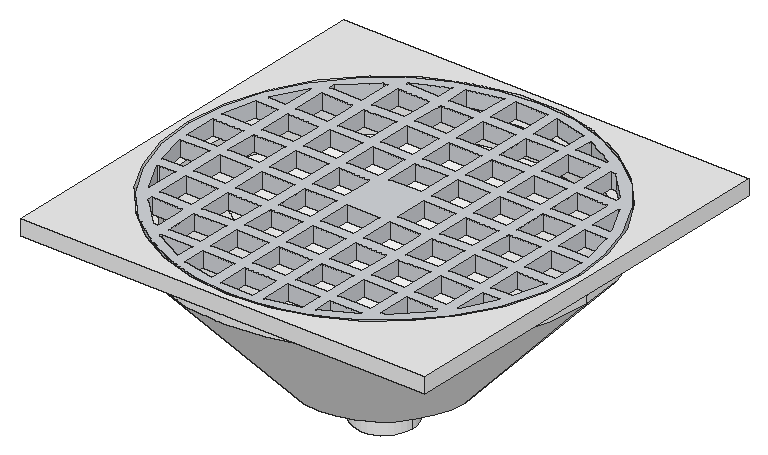
Revit family "Drain_Floor_Zurn-Z319-Thoroflush", category Plumbing Fixtures, Revit 2022
Family settings
  Round Connector Dimension = Use Radius
  Part Type = Normal
  OmniClass Number = 23.45.55.21
  OmniClass Title = Drains (Wastes)
  Work Plane-Based = No
  Always vertical = Yes
  Cut with Voids When Loaded = No
  Maintain Annotation Orientation = No
  Shared = No
  Room Calculation Point = No
Parameters (values of type "ZN319-3 Inch Inside Caulk Outlet")
  Waste Connection = 1 = 1  # yes
  WFU = 0  # constant formula
  Vent Connection = 1 = 0  # no
  URL = "www.zurn.com"
  Type Comments = ""
  Product data url = "https://www.bimobject.com/en-us/zurnindustries/product/zurn-z319"
  Product Page URL = "https://www.zurn.com/products/drainage-interceptors/floor-drains/flushing-rim-drains/z319"
  Product Installation Sheet URL = ""
  Product Documentation Link = "https://files.zurn.com/spec-sheets/z319.pdf"
  Pipe Size 'A' (Outer Diameter) = 3.500"
  Pipe Size 'A' (Nominal Radius) = [Pipe Size 'A' (Nominal Diameter)] / 2  # 1.500"
  Pipe Size 'A' (Nominal Diameter) = 3.000"
  Pipe Size 'A' (Inner Radius) = [Pipe Size 'A' (Inner Diameter)] / 2  # 1.534"
  Pipe Size 'A' (Outer Radius) = [Pipe Size 'A' (Outer Diameter)] / 2  # 1.750"
  Pipe Size 'A' (Inner Diameter) = 3.068"
  Grate Open Area = 232.00 SF  # constant formula
  Grate Material = Bronze - Zurn - Polished Nickel
  Diameter = 24.000"
  Body Height  ' E ' = 12.125"
  Modified Date = "12/19/25"  # constant formula
  Model = "ZN319"  # constant formula
  Manufacurer Brand = "Zurn"  # constant formula
  Manufacturer = "Zurn Water, LLC"  # constant formula
  Main Material = Iron - Zurn - Cast - White A.R.E Coated
  HWFU = 0  # constant formula
  HW Connection = 1 = 0  # no
  Description = "LARGE CAPACITY THOROFLUSH DRAIN"  # constant formula
  Default Elevation = 20.000"  # constant formula
  Date Created = "11/13/18"  # constant formula
  CWFU = 0  # constant formula
  CW Connection = 1 = 0  # no
  Assembly Code = "D2030300"
  Approx. Weight (Lbs) = 118.000"
Types (6): name | Pipe Size 'A' (Outer Diameter) | Pipe Size 'A' (Nominal Radius) | Pipe Size 'A' (Nominal Diameter) | Pipe Size 'A' (Inner Radius) | Pipe Size 'A' (Outer Radius) | Pipe Size 'A' (Inner Diameter) | Body Height  ' E '
  ZN319-8 Inch Threaded Outlet | 8.625" | 4.000" | 8.000" | 3.9905" | 4.3125" | 7.981" | 11.000"
  ZN319-6 Inch Threaded Outlet | 6.625" | 3.000" | 6.000" | 3.0325" | 3.3125" | 6.065" | 11.000"
  ZN319-4 Inch Threaded Outlet | 4.500" | 2.000" | 4.000" | 2.013" | 2.250" | 4.026" | 11.000"
  ZN319-3 Inch Threaded Outlet | 3.500" | 1.500" | 3.000" | 1.534" | 1.750" | 3.068" | 11.000"
  ZN319-3 Inch Inside Caulk Outlet | 3.500" | 1.500" | 3.000" | 1.534" | 1.750" | 3.068" | 12.125"
  ZN319-4 Inch Inside Caulk Outlet | 4.500" | 2.000" | 4.000" | 2.013" | 2.250" | 4.026" | 12.125"
Reference planes (in)
  plane 1 "Center (Front/Back)": y = 0
  plane 2: z = 0
  plane 3 "Center (Left/Right)": x = 0
  plane 4: z = -12.125
  plane 5: x = -1.75
  plane 6: x = -1.534
  plane 7: x = -1.5
  plane 8: x = 1.5
  plane 9: y = 1.5
  plane 10: y = -1.5
  plane 11: x = 12.5
  plane 12: x = -12.5
  plane 13: y = 12.5
  plane 14: y = -12.5
  plane 15: z = -0.938
  plane 16: z = -1.438
Forms (in)
  Revolve 1, solid, material "Iron - Zurn - Cast - White A.R.E Coated" <- "Main Material", detail levels fine
    sketch origin (0, 0, 0) x (1, 0, 0) y (0, 0, 1)
      loop
        line (-12.5, -0.938) -> (-12.5, -1.438) -> (-5.0625, -9.5) -> (-1.75, -9.5) -> (-1.75, -12.125) -> (-1.534, -12.125) -> (-1.534, -9.187) -> (-4.9254, -9.187) -> (-11, -2.60234) -> (-11, -0.938) -> (-12.5, -0.938)
      axis (0, -0.938) -> (0, -12.125)
    angle from 0 to 360
  Extrusion 2, solid, material "Iron - Zurn - Cast - White A.R.E Coated" <- "Main Material", detail levels fine
    sketch origin (0, 0, 0) x (1, 0, 0) y (0, 1, 0)
      loop
        line (-12.5, 12.5) -> (-12.5, -12.5) -> (12.5, -12.5) -> (12.5, 12.5) -> (-12.5, 12.5)
      loop
        circle (0, 0) r 12.125
    from -0.938 to 0
Cuts and joins
  joined: Revolve 1, Extrusion 2
Lines and regions (in)
  Masking region 1, detail levels fine
    outline origin (0, 0, 0) x (1, 0, 0) y (0, 1, 0)
      loop
        line (-12.5, 12.5) -> (-12.5, -12.5) -> (12.5, -12.5) -> (12.5, 12.5) -> (-12.5, 12.5)
  model lines, detail levels coarse+medium
    curve 1: line (0, 0, 0) -> (0, 0, -12.125)
    curve 2: line (-1.5, 0, -12.125) -> (1.5, 0, -12.125)
    curve 3: line (0, 1.5, -12.125) -> (0, -1.5, -12.125)
    curve 4: line (-12.5, 12.5, 0) -> (12.5, 12.5, 0)
    curve 5: line (-12.5, -12.5, 0) -> (-12.5, 12.5, 0)
    curve 6: line (12.5, -12.5, 0) -> (-12.5, -12.5, 0)
    curve 7: line (12.5, 12.5, 0) -> (12.5, -12.5, 0)
    curve 8: circle (0, 0, 0) r 12 normal (0, 0, 1)
    curve 9: circle (0, 0, 0) r 12.125 normal (0, 0, 1)
    curve 10: line (-2.08333, 11.81777, 0) -> (-2.08333, -11.81777, 0)
    curve 11: line (-4.16667, 11.25339, 0) -> (-4.16667, -11.25339, 0)
    curve 12: line (-6.25, 10.2439, 0) -> (-6.25, -10.2439, 0)
    curve 13: line (-8.33333, 8.63456, 0) -> (-8.33333, -8.63456, 0)
    curve 14: line (-10.41667, 5.9576, 0) -> (-10.41667, -5.9576, 0)
    curve 15: line (-11.81777, -2.08333, 0) -> (11.81777, -2.08333, 0)
    curve 16: line (-11.25339, -4.16667, 0) -> (11.25339, -4.16667, 0)
    curve 17: line (-10.2439, -6.25, 0) -> (10.2439, -6.25, 0)
    curve 18: line (-8.63456, -8.33333, 0) -> (8.63456, -8.33333, 0)
    curve 19: line (-5.9576, -10.41667, 0) -> (5.9576, -10.41667, 0)
    curve 20: line (2.08333, 11.81777, 0) -> (2.08333, -11.81777, 0)
    curve 21: line (4.16667, 11.25339, 0) -> (4.16667, -11.25339, 0)
    curve 22: line (6.25, 10.2439, 0) -> (6.25, -10.2439, 0)
    curve 23: line (8.33333, 8.63456, 0) -> (8.33333, -8.63456, 0)
    curve 24: line (10.41667, 5.9576, 0) -> (10.41667, -5.9576, 0)
    curve 25: line (-11.73669, 2.5, 0) -> (11.73669, 2.5, 0)
    curve 26: line (-10.90871, 5, 0) -> (10.90871, 5, 0)
    curve 27: line (-9.3675, 7.5, 0) -> (9.3675, 7.5, 0)
    curve 28: line (-6.63325, 10, 0) -> (6.63325, 10, 0)
    curve 29: line (-12, 0, 0) -> (12, 0, 0)
    curve 30: line (0, 12, 0) -> (0, -12, 0)
Dimensions and locks (in)
  "Pipe Size 'A' (Outer Radius)": plane 3 "Center (Left/Right)" to plane 5
  "Pipe Size 'A' (Inner Radius)": plane 3 "Center (Left/Right)" to plane 6
  "Pipe Size 'A' (Nominal Radius)": plane 7 to plane 3 "Center (Left/Right)" to plane 8
  "Pipe Size 'A' (Nominal Radius)": plane 10 to plane 1 "Center (Front/Back)" to plane 9
  "Pipe Size 'A' (Nominal Radius)": plane 8 to plane 3 "Center (Left/Right)" to plane 7
  "Body Height  ' E '": plane 2 to plane 4
  locked: level to plane 15 at 0.938
  locked: level to plane 16 at 1.438
  locked: Revolve 1 sketch curve to plane 12 at 1.5
  locked: level to Revolve 1 sketch curve at 9.5
  locked: plane 3 "Center (Left/Right)" to Revolve 1 sketch curve at 5.0625
  locked: Revolve 1 sketch curve to Revolve 1 sketch curve at 0.313  (x2)
  locked: plane 3 "Center (Left/Right)" to Extrusion 2 sketch curve at 12.125
  locked: Extrusion 2 sketch curve to plane 1 "Center (Front/Back)" at 12.125
  equal spacing: plane 12, curve 14, curve 13, curve 12, curve 11, curve 10, plane 3 "Center (Left/Right)", locked at 2.08333 each
  equal spacing: plane 3 "Center (Left/Right)", curve 20, curve 21, curve 22, curve 23, curve 24, plane 11, locked at 2.08333 each
  equal spacing: plane 1 "Center (Front/Back)", curve 25, curve 26, curve 27, curve 28, plane 13, locked at 2.5 each
  equal spacing: plane 14, curve 19, curve 18, curve 17, curve 16, curve 15, plane 1 "Center (Front/Back)", locked at 2.08333 each
  radius of Extrusion 2 sketch curve = 12.125"
  "Diameter": diameter of curve 8
  diameter of curve 9 = 24.250"
  aligned and locked: plane 2 to level
  aligned and locked: level to curve 1
  aligned and locked: plane 4 to curve 1
  aligned and locked: plane 7 to curve 2
  aligned and locked: plane 8 to curve 2
  aligned and locked: plane 1 "Center (Front/Back)" to curve 2
  aligned and locked: plane 9 to curve 3
  aligned and locked: plane 10 to curve 3
  aligned and locked: curve 3 to plane 3 "Center (Left/Right)"
  aligned and locked: plane 12 to Revolve 1 sketch curve
  aligned and locked: plane 16 to Revolve 1 sketch curve
  aligned and locked: Revolve 1 sketch curve to plane 3 "Center (Left/Right)"
  aligned and locked: plane 13 to Extrusion 2 sketch curve
  aligned and locked: Extrusion 2 sketch curve to plane 11
  aligned and locked: plane 12 to Extrusion 2 sketch curve
  aligned and locked: Extrusion 2 sketch curve to plane 14
  aligned and locked: level to Extrusion 2
  aligned and locked: plane 1 "Center (Front/Back)" to nested 1
  aligned and locked: plane 3 "Center (Left/Right)" to nested 1
  aligned and locked: level to nested 1
  aligned and locked: plane 13 to Masking region 1 sketch curve
  aligned and locked: Masking region 1 sketch curve to plane 11
  aligned and locked: plane 12 to Masking region 1 sketch curve
  aligned and locked: Masking region 1 sketch curve to plane 14
  aligned and locked: plane 13 to curve 4
  aligned and locked: curve 7 to plane 11
  aligned and locked: plane 12 to curve 5
  aligned and locked: curve 6 to plane 14
  aligned and locked: plane 3 "Center (Left/Right)" to curve 8
  aligned and locked: plane 1 "Center (Front/Back)" to curve 8
  aligned and locked: plane 1 "Center (Front/Back)" to curve 9
  aligned and locked: plane 3 "Center (Left/Right)" to curve 9
  aligned and locked: plane 1 "Center (Front/Back)" to curve 29
  aligned and locked: curve 30 to plane 3 "Center (Left/Right)"
Automatic sketch dimensions
  curve 1 to plane 3 "Center (Left/Right)" = 0.000"
  Revolve 1 sketch curve to plane 4 = 0.000"
  Revolve 1 sketch curve to plane 5 = 0.000"
  Revolve 1 sketch curve to plane 6 = 0.000"
  Revolve 1 sketch curve to plane 15 = 0.000"
  Revolve 1 sketch curve to plane 4 = 11.875"
  level to Revolve 1 sketch curve = 12.82475"
Nested families (in)
  nested 1: "Z319-Grate" at (0, 0, 0), type "Z319-Grate", detail levels fine
    with Frame Adjustment Height 3.063", Enter Value-Frame Adjustment Height 0.000"
Connectors (in)
  piping at (0, 0, -12.125), diameter 3, driven by "Pipe Size 'A' (Nominal Radius)", driven by "Waste Connection", driven by "Waste Connection"
    settings: on cut or joined group of Revolve 1, Extrusion 2, index 1, connector inside diameter 24", connector length 0.000", flow factor 0, pipe flow 0 GPM, pressure drop 0.00 psi, fitting loss kfactor 0, connector angle 0.00°, fixture units 0, engagement length 0.000", angle of deflection 0.00°, flow configuration 0, flow direction 2, fitting loss method 0, system type 16, joint type 0, gender type 0, connector reference index -1, connector utility 1, adjustable connector yes, is connector primary yes, connector description "Sanitary Outlet"
Definition of nested family "Z319-Grate"
  Parameters (values of type "Z319-Grate")
    Waste Connection = 1 = 1  # yes
    WFU = 1  # constant formula
    Vent Connection = 1 = 0  # no
    URL = "www.zurn.com"
    Product data url = ""
    Product Page URL = ""
    Product Installation Sheet URL = ""
    Product Documentation Link = ""
    Pipe Size_A Outer Diameter = 0.000"
    Pipe Size_A Nominal Diameter = 0.000"
    Pipe Size_A Inside Diameter = 0.000"
    Modified Date = ""
    Manufacurer Brand = "Zurn"  # constant formula
    Manufacturer = "Zurn Water, LLC"  # constant formula
    Main Material = none
    HWFU = 0  # constant formula
    HW Connection = 1 = 0  # no
    Grate Open Area = 0 mm
    Grate Material = none
    Frame Adjustment Height [instance] = if([Enter Value-Frame Adjustment Height] < 3.063", 3.063", if([Enter Value-Frame Adjustment Height] > 5.000", 5.000", [Enter Value-Frame Adjustment Height]))  # 3.063"
    Enter Value-Frame Adjustment Height [instance] = 0.000"
    Diameter = 24.000"
    Default Elevation = 20.000"  # constant formula
    Date Created = ""
    Connector Radius = Pipe Size_A Nominal Diameter / 2  # 0.000"
    CWFU = 0  # constant formula
    CW Connection = 1 = 0  # no
    Body Height_E = 0.000"
    Assembly Code = ""
    Approx. Weight (Lbs) = 0.000"
  Reference planes (in)
    plane 1 "Center (Front/Back)": y = 0
    plane 2: z = 0
    plane 3 "Center (Left/Right)": x = 0
    plane 4: z = -0.938
    plane 5: z = -1.5
  Forms (in)
    Extrusion 1, solid, material <- "Grate Material"
      sketch origin (6.75, 2.5, -1.93323) x (1, 0, 0) y (0, 1, 0)
        loop
          circle (-6.75, -2.5) r 12
        loop
          arc (-8.375, 8.82147) -> (-9.38566, 8.62968) -> (-10.375, 8.34785) r 11.4375
          line (-10.375, 8.34785) -> (-10.375, 7) -> (-8.375, 7) -> (-8.375, 8.82147)
        loop
          arc (-11, 8.11856) -> (-11.99612, 7.6634) -> (-12.94414, 7.11504) r 11.4375
          arc (-12.94414, 7.11504) -> (-12.97025, 7.04486) -> (-12.91029, 7) r 0.0625
          line (-12.91029, 7) -> (-11, 7) -> (-11, 8.11856)
        loop
          arc (-13.96462, 6.375) -> (-14.83753, 5.58753) -> (-15.625, 4.71462) r 11.4375
          line (-15.625, 4.71462) -> (-15.625, 4.375) -> (-13.625, 4.375) -> (-13.625, 6.375) -> (-13.96462, 6.375)
        loop
          arc (-16.25, 3.66029) -> (-16.29486, 3.72025) -> (-16.36504, 3.69414) r 0.0625
          arc (-16.36504, 3.69414) -> (-16.89198, 2.7874) -> (-17.33366, 1.8362) r 11.4375
          arc (-17.33366, 1.8362) -> (-17.32772, 1.77768) -> (-17.27582, 1.75) r 0.0625
          line (-17.27582, 1.75) -> (-16.25, 1.75) -> (-16.25, 3.66029)
        loop
          arc (-17.59785, 1.125) -> (-17.87968, 0.13566) -> (-18.07147, -0.875) r 11.4375
          line (-18.07147, -0.875) -> (-16.25, -0.875) -> (-16.25, 1.125) -> (-17.59785, 1.125)
        loop
          line (-13.625, 1.125) -> (-15.625, 1.125) -> (-15.625, -0.875) -> (-13.625, -0.875) -> (-13.625, 1.125)
        loop
          line (-11, 1.125) -> (-13, 1.125) -> (-13, -0.875) -> (-11, -0.875) -> (-11, 1.125)
        loop
          line (-10.375, 1.125) -> (-10.375, -0.875) -> (-8.375, -0.875) -> (-8.375, 1.125) -> (-10.375, 1.125)
        loop
          line (-8.375, 3.75) -> (-10.375, 3.75) -> (-10.375, 1.75) -> (-8.375, 1.75) -> (-8.375, 3.75)
        loop
          line (-8.375, 4.375) -> (-8.375, 6.375) -> (-10.375, 6.375) -> (-10.375, 4.375) -> (-8.375, 4.375)
        loop
          line (-11, 1.75) -> (-11, 3.75) -> (-13, 3.75) -> (-13, 1.75) -> (-11, 1.75)
        loop
          line (-11, 6.375) -> (-13, 6.375) -> (-13, 4.375) -> (-11, 4.375) -> (-11, 6.375)
        loop
          line (-13.625, 1.75) -> (-13.625, 3.75) -> (-15.625, 3.75) -> (-15.625, 1.75) -> (-13.625, 1.75)
        loop
          line (-5.75, 6.375) -> (-7.75, 6.375) -> (-7.75, 4.375) -> (-5.75, 4.375) -> (-5.75, 6.375)
        loop
          arc (-5.75, 8.8937) -> (-6.75, 8.9375) -> (-7.75, 8.8937) r 11.4375
          line (-7.75, 8.8937) -> (-7.75, 7) -> (-5.75, 7) -> (-5.75, 8.8937)
        loop
          line (-5.75, 3.75) -> (-7.75, 3.75) -> (-7.75, 1.75) -> (-5.75, 1.75) -> (-5.75, 3.75)
        loop
          line (-5.75, -0.875) -> (-5.75, 1.125) -> (-7.75, 1.125) -> (-7.75, -0.875) -> (-5.75, -0.875)
        loop
          line (-8.375, -3.5) -> (-8.375, -1.5) -> (-10.375, -1.5) -> (-10.375, -3.5) -> (-8.375, -3.5)
        loop
          line (-13, -3.5) -> (-11, -3.5) -> (-11, -1.5) -> (-13, -1.5) -> (-13, -3.5)
        loop
          line (-16.25, -1.5) -> (-18.1437, -1.5)
          arc (-18.1437, -1.5) -> (-18.1875, -2.5) -> (-18.1437, -3.5) r 11.4375
          line (-18.1437, -3.5) -> (-16.25, -3.5) -> (-16.25, -1.5)
        loop
          line (-15.625, -3.5) -> (-13.625, -3.5) -> (-13.625, -1.5) -> (-15.625, -1.5) -> (-15.625, -3.5)
        loop
          line (-5.125, 3.75) -> (-5.125, 1.75) -> (-3.125, 1.75) -> (-3.125, 3.75) -> (-5.125, 3.75)
        loop
          line (-0.5, 3.75) -> (-2.5, 3.75) -> (-2.5, 1.75) -> (-0.5, 1.75) -> (-0.5, 3.75)
        loop
          line (0.125, 3.75) -> (0.125, 1.75) -> (2.125, 1.75) -> (2.125, 3.75) -> (0.125, 3.75)
        loop
          line (2.75, 3.66029) -> (2.75, 1.75) -> (3.77582, 1.75)
          arc (3.77582, 1.75) -> (3.82772, 1.77768) -> (3.83366, 1.8362) r 0.0625
          arc (3.83366, 1.8362) -> (3.39198, 2.7874) -> (2.86504, 3.69414) r 11.4375
          arc (2.86504, 3.69414) -> (2.79486, 3.72025) -> (2.75, 3.66029) r 0.0625
        loop
          line (-3.125, 7) -> (-3.125, 8.34785)
          arc (-3.125, 8.34785) -> (-4.11434, 8.62968) -> (-5.125, 8.82147) r 11.4375
          line (-5.125, 8.82147) -> (-5.125, 7) -> (-3.125, 7)
        loop
          line (-2.5, 8.11856) -> (-2.5, 7) -> (-0.58971, 7)
          arc (-0.58971, 7) -> (-0.52975, 7.04486) -> (-0.55586, 7.11504) r 0.0625
          arc (-0.55586, 7.11504) -> (-1.50388, 7.6634) -> (-2.5, 8.11856) r 11.4375
        loop
          arc (2.125, 4.71462) -> (1.33753, 5.58753) -> (0.46462, 6.375) r 11.4375
          line (0.46462, 6.375) -> (0.125, 6.375) -> (0.125, 4.375) -> (2.125, 4.375) -> (2.125, 4.71462)
        loop
          line (-0.5, 6.375) -> (-2.5, 6.375) -> (-2.5, 4.375) -> (-0.5, 4.375) -> (-0.5, 6.375)
        loop
          line (-5.125, 6.375) -> (-5.125, 4.375) -> (-3.125, 4.375) -> (-3.125, 6.375) -> (-5.125, 6.375)
        loop
          line (-3.125, -1.5) -> (-5.125, -1.5) -> (-5.125, -3.5) -> (-3.125, -3.5) -> (-3.125, -1.5)
        loop
          line (-0.5, -1.5) -> (-2.5, -1.5) -> (-2.5, -3.5) -> (-0.5, -3.5) -> (-0.5, -1.5)
        loop
          line (2.125, -1.5) -> (0.125, -1.5) -> (0.125, -3.5) -> (2.125, -3.5) -> (2.125, -1.5)
        loop
          line (4.6437, -1.5) -> (2.75, -1.5) -> (2.75, -3.5) -> (4.6437, -3.5)
          arc (4.6437, -3.5) -> (4.6875, -2.5) -> (4.6437, -1.5) r 11.4375
        loop
          line (2.75, -0.875) -> (4.57147, -0.875)
          arc (4.57147, -0.875) -> (4.37968, 0.13566) -> (4.09785, 1.125) r 11.4375
          line (4.09785, 1.125) -> (2.75, 1.125) -> (2.75, -0.875)
        loop
          line (0.125, -0.875) -> (2.125, -0.875) -> (2.125, 1.125) -> (0.125, 1.125) -> (0.125, -0.875)
        loop
          line (-2.5, -0.875) -> (-0.5, -0.875) -> (-0.5, 1.125) -> (-2.5, 1.125) -> (-2.5, -0.875)
        loop
          line (-5.125, -0.875) -> (-3.125, -0.875) -> (-3.125, 1.125) -> (-5.125, 1.125) -> (-5.125, -0.875)
        loop
          line (-11, -6.125) -> (-11, -4.125) -> (-13, -4.125) -> (-13, -6.125) -> (-11, -6.125)
        loop
          line (-10.375, -6.125) -> (-8.375, -6.125) -> (-8.375, -4.125) -> (-10.375, -4.125) -> (-10.375, -6.125)
        loop
          line (-8.375, -8.75) -> (-8.375, -6.75) -> (-10.375, -6.75) -> (-10.375, -8.75) -> (-8.375, -8.75)
        loop
          line (-8.375, -9.375) -> (-10.375, -9.375) -> (-10.375, -11.375) -> (-8.375, -11.375) -> (-8.375, -9.375)
        loop
          line (-11, -6.75) -> (-13, -6.75) -> (-13, -8.75) -> (-11, -8.75) -> (-11, -6.75)
        loop
          line (-11, -11.375) -> (-11, -9.375) -> (-13, -9.375) -> (-13, -11.375) -> (-11, -11.375)
        loop
          line (-5.75, -11.375) -> (-5.75, -9.375) -> (-7.75, -9.375) -> (-7.75, -11.375) -> (-5.75, -11.375)
        loop
          line (-5.75, -8.75) -> (-5.75, -6.75) -> (-7.75, -6.75) -> (-7.75, -8.75) -> (-5.75, -8.75)
        loop
          line (-5.75, -4.125) -> (-7.75, -4.125) -> (-7.75, -6.125) -> (-5.75, -6.125) -> (-5.75, -4.125)
        loop
          line (-5.125, -8.75) -> (-3.125, -8.75) -> (-3.125, -6.75) -> (-5.125, -6.75) -> (-5.125, -8.75)
        loop
          line (-0.5, -8.75) -> (-0.5, -6.75) -> (-2.5, -6.75) -> (-2.5, -8.75) -> (-0.5, -8.75)
        loop
          line (-0.5, -11.375) -> (-0.5, -9.375) -> (-2.5, -9.375) -> (-2.5, -11.375) -> (-0.5, -11.375)
        loop
          line (-5.125, -11.375) -> (-3.125, -11.375) -> (-3.125, -9.375) -> (-5.125, -9.375) -> (-5.125, -11.375)
        loop
          line (-2.5, -4.125) -> (-2.5, -6.125) -> (-0.5, -6.125) -> (-0.5, -4.125) -> (-2.5, -4.125)
        loop
          line (-5.125, -4.125) -> (-5.125, -6.125) -> (-3.125, -6.125) -> (-3.125, -4.125) -> (-5.125, -4.125)
        loop
          line (-13.625, -4.125) -> (-15.625, -4.125) -> (-15.625, -6.125) -> (-13.625, -6.125) -> (-13.625, -4.125)
        loop
          line (-16.25, -4.125) -> (-18.07147, -4.125)
          arc (-18.07147, -4.125) -> (-17.87968, -5.13566) -> (-17.59785, -6.125) r 11.4375
          line (-17.59785, -6.125) -> (-16.25, -6.125) -> (-16.25, -4.125)
        loop
          line (2.125, -4.125) -> (0.125, -4.125) -> (0.125, -6.125) -> (2.125, -6.125) -> (2.125, -4.125)
        loop
          line (4.57147, -4.125) -> (2.75, -4.125) -> (2.75, -6.125) -> (4.09785, -6.125)
          arc (4.09785, -6.125) -> (4.37968, -5.13566) -> (4.57147, -4.125) r 11.4375
        loop
          line (2.125, -6.75) -> (0.125, -6.75) -> (0.125, -8.75) -> (2.125, -8.75) -> (2.125, -6.75)
        loop
          arc (3.83366, -6.8362) -> (3.82772, -6.77768) -> (3.77582, -6.75) r 0.0625
          line (3.77582, -6.75) -> (2.75, -6.75) -> (2.75, -8.66029)
          arc (2.75, -8.66029) -> (2.79486, -8.72025) -> (2.86504, -8.69414) r 0.0625
          arc (2.86504, -8.69414) -> (3.39198, -7.7874) -> (3.83366, -6.8362) r 11.4375
        loop
          line (-13.625, -6.75) -> (-15.625, -6.75) -> (-15.625, -8.75) -> (-13.625, -8.75) -> (-13.625, -6.75)
        loop
          line (-16.25, -6.75) -> (-17.27582, -6.75)
          arc (-17.27582, -6.75) -> (-17.32772, -6.77768) -> (-17.33366, -6.8362) r 0.0625
          arc (-17.33366, -6.8362) -> (-16.89198, -7.7874) -> (-16.36504, -8.69414) r 11.4375
          arc (-16.36504, -8.69414) -> (-16.29486, -8.72025) -> (-16.25, -8.66029) r 0.0625
          line (-16.25, -8.66029) -> (-16.25, -6.75)
        loop
          line (-13.625, -9.375) -> (-15.625, -9.375) -> (-15.625, -9.71462)
          arc (-15.625, -9.71462) -> (-14.83753, -10.58753) -> (-13.96462, -11.375) r 11.4375
          line (-13.96462, -11.375) -> (-13.625, -11.375) -> (-13.625, -9.375)
        loop
          line (-8.375, -12) -> (-10.375, -12) -> (-10.375, -13.34785)
          arc (-10.375, -13.34785) -> (-9.38566, -13.62968) -> (-8.375, -13.82147) r 11.4375
          line (-8.375, -13.82147) -> (-8.375, -12)
        loop
          line (-11, -12) -> (-12.91029, -12)
          arc (-12.91029, -12) -> (-12.97025, -12.04486) -> (-12.94414, -12.11504) r 0.0625
          arc (-12.94414, -12.11504) -> (-11.99612, -12.6634) -> (-11, -13.11856) r 11.4375
          line (-11, -13.11856) -> (-11, -12)
        loop
          line (-7.75, -12) -> (-7.75, -13.8937)
          arc (-7.75, -13.8937) -> (-6.75, -13.9375) -> (-5.75, -13.8937) r 11.4375
          line (-5.75, -13.8937) -> (-5.75, -12) -> (-7.75, -12)
        loop
          arc (-5.125, -13.82147) -> (-4.11434, -13.62968) -> (-3.125, -13.34785) r 11.4375
          line (-3.125, -13.34785) -> (-3.125, -12) -> (-5.125, -12) -> (-5.125, -13.82147)
        loop
          line (-2.5, -12) -> (-2.5, -13.11856)
          arc (-2.5, -13.11856) -> (-1.50388, -12.6634) -> (-0.55586, -12.11504) r 11.4375
          arc (-0.55586, -12.11504) -> (-0.52975, -12.04486) -> (-0.58971, -12) r 0.0625
          line (-0.58971, -12) -> (-2.5, -12)
        loop
          line (2.125, -9.375) -> (0.125, -9.375) -> (0.125, -11.375) -> (0.46462, -11.375)
          arc (0.46462, -11.375) -> (1.33753, -10.58753) -> (2.125, -9.71462) r 11.4375
          line (2.125, -9.71462) -> (2.125, -9.375)
      from 0.99523 to 1.93323
  Dimensions and locks (in)
    locked: level to plane 4 at 0.938
    "Diameter": diameter of Extrusion 1 sketch curve
    aligned and locked: plane 2 to level
    aligned and locked: plane 1 "Center (Front/Back)" to Extrusion 1 sketch curve
    aligned and locked: level to Extrusion 1
    aligned and locked: plane 2 to Extrusion 1
    aligned and locked: Extrusion 1 to plane 4
    aligned and locked: plane 3 "Center (Left/Right)" to Extrusion 1 sketch curve
